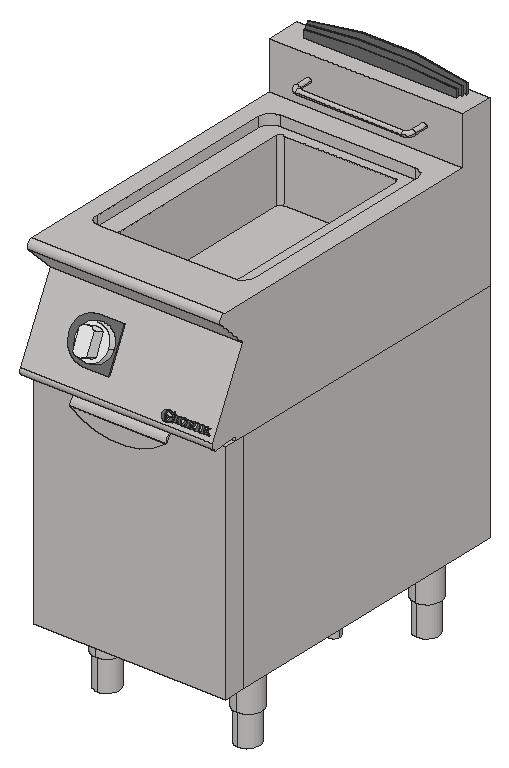
Revit family "QF_GIORIK_FG7117T", category Specialty Equipment, Revit 2014
Parameters (values of type "FG7117T")
  Weight in Pounds = 149.9142
  Watts = 100 W
  Volts = 230 V
  URL Cutsheet = "www.giorik.com"
  URL = "www.giorik.com"
  Status [instance] = ""
  Specification by User [instance] = ""
  Specification by Manufacturer = ""
  Show Logo [instance] = yes
  Show Clearance [instance] = yes
  Serial Number = ""
  Seismic Rating = ""
  SMACNA No = ""
  Revision Code [instance] = ""
  Phase = 1
  Number of Poles [instance] = 1
  NAFEM Spec ID Number = ""
  Model = "FG7117T"
  Min Ckt Ampacity = 0 A
  Mechanical Remarks [instance] = "Natural Gas"
  Mechanical Connection Type [instance] = ""
  Max Overcurrent Protection = 0 A
  Masterspec = ""
  Manufacturer = "GIORIK"
  Item Number [instance] = ""
  Installed By [instance] = ""
  Identify Quantity as Lot [instance] = no
  HP = "0.134102000000"
  Gas Size = 1"
  Gas RI Height [instance] = 0 mm
  Gas KW = 16.5
  Gas Input = 16500 W
  Gas Connection Height [instance] = 150 mm
  Furnished By [instance] = ""
  Foodservice Equipment Identifier [instance] = yes
  FL Amps = 0 A
  Electrical Remarks [instance] = ""
  Electric Connection Type [instance] = ""
  Elec Conn RI Height [instance] = 0 mm
  Elec Conn Connection Height [instance] = 150 mm
  Description = "17 LITRE GAS FRYER."
  Cycle = 50 Hz
  Conn Plug = ""
  Conn Conduit [instance] = no
  CSI MasterFormat = ""
  Assembly Code = "E1090320"
  Apparent Power = 100 VA
Reference planes
  plane 1 "Back": y = 0
  plane 2: z = 0
  plane 3 "Left": x = 0
  plane 4 "Right": x = 400
  plane 5 "Front": y = -720
  plane 6 "Top": z = 900
Forms (mm)
  Extrusion 1, solid, visible <- "Show Logo"
    sketch origin (196.604, -736.761, 609.486) x (-1, 0, 0) y (0, 0.452718, 0.891654)
      loop
        line (-118.824, 58.358) -> (-127.804, 58.358) -> (-125.523, 56.445) -> (-125.523, 48.027) -> (-127.804, 46.113) -> (-118.824, 46.113) -> (-121.105, 48.027) -> (-121.105, 56.445) -> (-118.824, 58.358)
      loop
        line (-163.721, 58.358) -> (-172.7, 58.358) -> (-170.42, 56.445) -> (-170.42, 48.027) -> (-172.7, 46.113) -> (-163.721, 46.113) -> (-166.001, 48.027) -> (-166.001, 56.445) -> (-163.721, 58.358)
      loop
        line (-174.332, 58.358) -> (-183.312, 58.358) -> (-181.031, 56.445) -> (-181.031, 52.435) -> (-186.419, 56.955) -> (-184.416, 58.358) -> (-191.268, 58.358) -> (-188.01, 56.839) -> (-185.455, 54.283) -> (-190.846, 47.858) -> (-193.396, 46.93) -> (-193.396, 46.113) -> (-184.416, 46.113) -> (-185.437, 47.571) -> (-182.443, 51.552) -> (-181.031, 50.894) -> (-181.031, 48.027) -> (-183.312, 46.113) -> (-174.332, 46.113) -> (-176.613, 48.027) -> (-176.613, 56.445) -> (-174.332, 58.358)
      loop
        line (-115.429, 62.063) -> (-115.429, 54.198)
        arc (-115.429, 54.198) -> (-111.618, 57.803) -> (-106.847, 59.986) r 16.039
        arc (-106.847, 59.986) -> (-103.314, 59.837) -> (-100.512, 57.68) r 5.851
        arc (-100.512, 57.68) -> (-98.815, 52.267) -> (-100.512, 46.853) r 9.479
        arc (-100.512, 46.853) -> (-102.406, 44.986) -> (-104.846, 43.93) r 7.236
        arc (-104.846, 43.93) -> (-107.728, 44.111) -> (-110.052, 45.825) r 5.11
        line (-110.052, 45.825) -> (-110.052, 52.001) -> (-116.141, 52.001) -> (-116.141, 45.503) -> (-117.893, 43.751) -> (-114.094, 44.769)
        arc (-114.094, 44.769) -> (-112.56, 44.947) -> (-111.129, 44.366) r 3.115
        arc (-111.129, 44.366) -> (-104.216, 42.091) -> (-97.303, 44.366) r 11.641
        arc (-97.303, 44.366) -> (-93.396, 52.107) -> (-97.303, 59.849) r 9.622
        arc (-97.303, 59.849) -> (-104.369, 62.174) -> (-111.435, 59.849) r 11.898
        line (-111.435, 59.849) -> (-115.429, 62.063)
      loop
        arc (-129.234, 56.068) -> (-135.893, 58.628) -> (-142.552, 56.068) r 9.941
        arc (-142.552, 56.068) -> (-144.234, 52.286) -> (-142.552, 48.505) r 5.093
        arc (-142.552, 48.505) -> (-135.893, 45.945) -> (-129.234, 48.505) r 9.941
        arc (-129.234, 48.505) -> (-127.552, 52.286) -> (-129.234, 56.068) r 5.093
      loop
        arc (-132.628, 54.403) -> (-135.893, 57.668) -> (-139.158, 54.403) r 3.265
        line (-139.158, 54.403) -> (-139.158, 50.169)
        arc (-139.158, 50.169) -> (-135.893, 46.904) -> (-132.628, 50.169) r 3.265
        line (-132.628, 50.169) -> (-132.628, 54.403)
      loop
        arc (-156.363, 58.365) -> (-159.647, 55.081) -> (-156.363, 51.796) r 3.285
        line (-156.363, 51.796) -> (-159.529, 47.306) -> (-162.087, 46.113) -> (-155.847, 46.113) -> (-153.529, 51.083) -> (-150.637, 51.083) -> (-150.637, 47.784) -> (-153.022, 46.113) -> (-144.011, 46.113) -> (-146.094, 47.68) -> (-146.094, 56.493) -> (-144.229, 58.365) -> (-156.363, 58.365)
      loop
        line (-150.637, 57.512) -> (-153.637, 57.512)
        arc (-153.637, 57.512) -> (-156.237, 54.912) -> (-153.637, 52.312) r 2.6
        line (-153.637, 52.312) -> (-150.637, 52.312) -> (-150.637, 57.512)
      loop
        line (-108.924, 52.001) -> (-104.936, 49.005) -> (-100.948, 52.001) -> (-108.924, 52.001)
    from 1.5 to -0.5
  Extrusion 2, solid
    sketch origin (-16, 1025.81, 0) x (1, 0, 0) y (0, 1, 0)
      loop
        line (25, -1086.81) -> (25, -1156.81) -> (115, -1156.81) -> (115, -1086.81) -> (25, -1086.81)
    from 148 to 150
  Extrusion 3, solid
    sketch origin (-14, 0, 130) x (1, 0, 0) y (0, 1, 0)
      loop
        circle (54, -385) r 12.5
    from 0 to 20
  Extrusion 4, solid
    sketch origin (0, 1000, -20) x (0, 1, 0) y (0, 0, 1)
      loop
        line (-1000, 989.988) -> (-1070, 989.988) -> (-1070, 889.988) -> (-1688.806, 889.988)
        arc (-1688.806, 889.988) -> (-1699.151, 883.075) -> (-1696.724, 870.873) r 11.197
        line (-1696.724, 870.873) -> (-1640.876, 815.025) -> (-1718.948, 661.258)
        arc (-1718.948, 661.258) -> (-1718.233, 650.105) -> (-1708.118, 645.354) r 10.981
        line (-1708.118, 645.354) -> (-1660, 649.925) -> (-1660, 640) -> (-1000, 640) -> (-1000, 989.988)
    from 0 to 400
  Extrusion 5, solid
    sketch origin (0, 0, 599.536) x (1, 0, 0) y (0, 1, 0)
      loop
        line (0, -640) -> (40, -640) -> (40, -40) -> (360, -40) -> (360, -640) -> (400, -640) -> (400, 0) -> (0, 0) -> (0, -640)
    from -449.536 to 20.464
  Extrusion 6, solid
    sketch origin (0, 0, 0) x (1, 0, 0) y (0, 1, 0)
      loop
        line (40, -40) -> (40, -640) -> (360, -640) -> (360, -40) -> (40, -40)
    from 150 to 190
  Extrusion 7, solid
    sketch origin (-16, 560.81, 0) x (1, 0, 0) y (0, 1, 0)
      loop
        line (25, -1086.81) -> (25, -1156.81) -> (115, -1156.81) -> (115, -1086.81) -> (25, -1086.81)
    from 148 to 150
  Revolve 8, solid
    sketch origin (54, 560.81, 0) x (0, 1, 0) y (0, 0, 1)
      loop
        line (-1092.56, 66) -> (-1092.56, 148) -> (-1121.81, 148) -> (-1121.81, 0) -> (-1096.81, 0) -> (-1096.81, 66) -> (-1092.56, 66)
      axis (-1121.81, 0) -> (-1121.81, 148)
    angle from 0 to 360
  Revolve 9, solid
    sketch origin (54, 1025.81, 0) x (0, 1, 0) y (0, 0, 1)
      loop
        line (-1092.56, 66) -> (-1092.56, 148) -> (-1121.81, 148) -> (-1121.81, 0) -> (-1096.81, 0) -> (-1096.81, 66) -> (-1092.56, 66)
      axis (-1121.81, 0) -> (-1121.81, 148)
    angle from 0 to 360
  Extrusion 10, solid
    sketch origin (416, 560.81, 0) x (-1, 0, 0) y (0, -1, 0)
      loop
        line (25, 1086.81) -> (115, 1086.81) -> (115, 1156.81) -> (25, 1156.81) -> (25, 1086.81)
    from 148 to 150
  Revolve 11, solid
    sketch origin (346, 560.81, 0) x (0, 1, 0) y (0, 0, -1)
      loop
        line (-1092.56, -66) -> (-1096.81, -66) -> (-1096.81, 0) -> (-1121.81, 0) -> (-1121.81, -148) -> (-1092.56, -148) -> (-1092.56, -66)
      axis (-1121.81, 0) -> (-1121.81, -148)
    angle from 0 to 360
  Extrusion 12, solid
    sketch origin (416, -1217.81, 0) x (-1, 0, 0) y (0, -1, 0)
      loop
        line (25, -1086.81) -> (25, -1156.81) -> (115, -1156.81) -> (115, -1086.81) -> (25, -1086.81)
    from 148 to 150
  Revolve 13, solid
    sketch origin (346, -1217.81, 0) x (0, -1, 0) y (0, 0, 1)
      loop
        line (-1092.56, 66) -> (-1092.56, 148) -> (-1121.81, 148) -> (-1121.81, 0) -> (-1096.81, 0) -> (-1096.81, 66) -> (-1092.56, 66)
      axis (-1121.81, 0) -> (-1121.81, 148)
    angle from 0 to 360
  Extrusion 14, solid
    sketch origin (-293.221, -963.345, 52.363) x (1, 0, 0) y (0, 0.452718, 0.891654)
      loop
        line (463.221, 676.25) -> (463.221, 766.25) -> (409.698, 766.25)
        arc (409.698, 766.25) -> (364.698, 721.25) -> (409.698, 676.25) r 45
        line (409.698, 676.25) -> (463.221, 676.25)
    from 48 to 50
  Extrusion 15, solid
    sketch origin (481.331, -1008.697, 74.959) x (-1, 0, 0) y (0, -0.45351, -0.891251)
      loop
        circle (351.331, -721.346) r 35
    from 0 to 15
  Extrusion 16, solid
    sketch origin (481.331, -1008.697, 74.959) x (-1, 0, 0) y (0, -0.45351, -0.891251)
      loop
        arc (336.331, -743.846) -> (351.331, -748.846) -> (366.331, -743.846) r 25
        line (366.331, -743.846) -> (366.331, -698.846)
        arc (366.331, -698.846) -> (351.331, -693.846) -> (336.331, -698.846) r 25
        line (336.331, -698.846) -> (336.331, -743.846)
    from 15 to 40
  Extrusion 17, solid
    sketch origin (-94, 0, 59.999) x (1, 0, 0) y (0, 0, 1)
      loop
        line (135, 909.989) -> (453, 909.989) -> (453, 925.527) -> (347.056, 931.749) -> (240.944, 931.749) -> (135, 925.527) -> (135, 909.989)
    from 32 to 35
  Extrusion 18, solid
    sketch origin (-92, 10, 59.999) x (1, 0, 0) y (0, 0, 1)
      loop
        line (454, 909.989) -> (454, 928.527) -> (346.162, 939.193) -> (237.838, 939.193) -> (130, 928.527) -> (130, 909.989) -> (454, 909.989)
    from 32 to 35
  Extrusion 19, solid
    sketch origin (-90, 20, 59.999) x (1, 0, 0) y (0, 0, 1)
      loop
        line (455, 909.989) -> (455, 930.527) -> (345.396, 947.413) -> (234.604, 947.413) -> (125, 930.527) -> (125, 909.989) -> (455, 909.989)
    from 32 to 35
  Extrusion 20, void
    sketch origin (0, 0, 819.988) x (0, 1, 0) y (-1, 0, 0)
      loop
        arc (-120, -60) -> (-127.322, -42.322) -> (-145, -35) r 25
        line (-145, -35) -> (-565.002, -35)
        arc (-565.002, -35) -> (-582.68, -42.322) -> (-590.002, -60) r 25
        line (-590.002, -60) -> (-590.002, -340)
        arc (-590.002, -340) -> (-582.68, -357.678) -> (-565.002, -365) r 25
        line (-565.002, -365) -> (-145, -365)
        arc (-145, -365) -> (-127.322, -357.678) -> (-120, -340) r 25
        line (-120, -340) -> (-120, -60)
    from -100 to 50
  Extrusion 21, solid
    sketch origin (0, 0, 900) x (0, 1, 0) y (-1, 0, 0)
      loop
        arc (-120, -60) -> (-127.322, -42.322) -> (-145, -35) r 25
        line (-145, -35) -> (-565.002, -35)
        arc (-565.002, -35) -> (-582.68, -42.322) -> (-590.002, -60) r 25
        line (-590.002, -60) -> (-590.002, -340)
        arc (-590.002, -340) -> (-582.68, -357.678) -> (-565.002, -365) r 25
        line (-565.002, -365) -> (-145, -365)
        arc (-145, -365) -> (-127.322, -357.678) -> (-120, -340) r 25
        line (-120, -340) -> (-120, -60)
      loop
        arc (-140, -85.011) -> (-142.929, -77.94) -> (-150, -75.011) r 10
        line (-150, -75.011) -> (-555.002, -75.011)
        arc (-555.002, -75.011) -> (-562.073, -77.94) -> (-565.002, -85.011) r 10
        line (-565.002, -85.011) -> (-565.002, -315)
        arc (-565.002, -315) -> (-562.073, -322.071) -> (-555.002, -325) r 10
        line (-555.002, -325) -> (-150, -325)
        arc (-150, -325) -> (-142.929, -322.071) -> (-140, -315) r 10
        line (-140, -315) -> (-140, -85.011)
    from -180.012 to -50
  Extrusion 22, solid
    sketch origin (0, -725, 0) x (1, 0, 0) y (0, 0, 1)
      loop
        line (0, 620) -> (0, 150) -> (400, 150) -> (400, 620) -> (0, 620)
    from -85 to -40
  Extrusion 23, solid
    sketch origin (2.5, -725, -20.1) x (0, 1, 0) y (0, 0, 1)
      loop
        arc (25, 640.1) -> (14.393, 635.707) -> (10, 625.1) r 15
        line (10, 625.1) -> (12, 625.1)
        arc (12, 625.1) -> (15.808, 634.292) -> (25, 638.1) r 13
        line (25, 638.1) -> (40, 638.1) -> (40, 640.1) -> (25, 640.1)
    from 97.5 to 297.5
  Extrusion 24, solid
    sketch origin (2.5, -724.905, -20.1) x (1, 0, 0) y (0, 0, 1)
      loop
        arc (97.5, 625.1) -> (197.5, 590.089) -> (297.5, 625.1) r 160.316
        line (297.5, 625.1) -> (97.5, 625.1)
    from -11.905 to -9.905
  Extrusion 25, solid, visible <- "Show Clearance", detail levels coarse
    sketch origin (395, -725, 0) x (-1, 0, 0) y (0, -1, 0)
      loop
        line (-5, -40) -> (395, -40)
        arc (395, -40) -> (277.534, 241.069) -> (-5, 354.968) r 395
        line (-5, 354.968) -> (-5, -40)
    from 150 to 620
  Extrusion 26, solid
    sketch origin (0, 0, 100) x (0, 1, 0) y (-1, 0, 0)
      loop
        circle (-380, -380) r 12.5
    from 30 to 50
  Sweep 27, solid
    path origin (0, 0, 919.988) x (0, 1, 0) y (-1, 0, 0)
      loop
        line (-70, -80) -> (-100, -80)
        arc (-100, -80) -> (-107.071, -82.929) -> (-110, -90) r 10
        line (-110, -90) -> (-110, -310)
        arc (-110, -310) -> (-107.071, -317.071) -> (-100, -320) r 10
        line (-100, -320) -> (-70, -320)
    profile origin (80, -85, 919.988) x (1, 0, 0) y (0, 0, 1)
      loop
        circle (0, 0) r 5
Cuts and joins
  Extrusion 20 cuts Extrusion 4
Lines and regions (mm)
  symbolic lines, style "200-EquipBorder-2D"
    curve 1: line (0, -720, 0) -> (400, -720, 0)
    curve 2: line (400, -720, 0) -> (400, 0, 0)
    curve 3: line (400, 0, 0) -> (0, 0, 0)
    curve 4: line (0, 0, 0) -> (0, -720, 0)
  symbolic lines, style "200-EquipInternal-2D"
    curve 5: line (35, -12, 900) -> (365, -12, 900)
    curve 6: line (365, -12, 900) -> (365, -15, 900)
    curve 7: line (365, -15, 900) -> (35, -15, 900)
    curve 8: line (35, -15, 900) -> (35, -12, 900)
    curve 9: line (38, -22, 900) -> (362, -22, 900)
    curve 10: line (362, -22, 900) -> (362, -25, 900)
    curve 11: line (362, -25, 900) -> (38, -25, 900)
    curve 12: line (38, -25, 900) -> (38, -22, 900)
    curve 13: line (41, -32, 900) -> (359, -32, 900)
    curve 14: line (359, -32, 900) -> (359, -35, 900)
    curve 15: line (359, -35, 900) -> (41, -35, 900)
    curve 16: line (41, -35, 900) -> (41, -32, 900)
    curve 17: line (340, -120, 900) -> (60, -120, 900)
    curve 18: arc (60, -120, 900) -> (42.322, -127.322, 900) -> (35, -145, 900) r 25
    curve 19: line (35, -145, 900) -> (35, -565, 900)
    curve 20: arc (365, -145, 900) -> (357.678, -127.322, 900) -> (340, -120, 900) r 25
    curve 21: arc (340, -590, 900) -> (356.212, -584.031, 900) -> (364.682, -568.975, 900) r 25
    curve 22: line (60, -590, 900) -> (340, -590, 900)
    curve 23: arc (35, -565, 900) -> (42.322, -582.678, 900) -> (60, -590, 900) r 25
    curve 24: line (365, -565.002, 900) -> (365, -145, 900)
    curve 27: line (85, -140, 900) -> (315, -140, 900)
    curve 28: line (325, -150, 900) -> (325, -555.002, 900)
    curve 29: line (75, -555.002, 900) -> (75, -150, 900)
    curve 30: line (315, -565.002, 900) -> (85, -565.002, 900)
    curve 31: arc (85, -140, 900) -> (77.929, -142.929, 900) -> (75, -150, 900) r 10
    curve 32: arc (315, -140, 900) -> (322.071, -142.929, 900) -> (325, -150, 900) r 10
    curve 33: arc (75, -555.002, 900) -> (77.929, -562.073, 900) -> (85, -565.002, 900) r 10
    curve 34: arc (315, -565.002, 900) -> (322.071, -562.073, 900) -> (325, -555.002, 900) r 10
    curve 35: line (75, -70, 900) -> (75, -99.667, 900)
    curve 36: line (85, -100, 900) -> (85, -70, 900)
    curve 37: line (89.989, -104.989, 900) -> (310.27, -104.989, 900)
    curve 38: line (315.032, -100.227, 900) -> (315.032, -70, 900)
    curve 39: line (325.032, -70, 900) -> (325.032, -100.301, 900)
    curve 40: line (310.333, -115, 900) -> (90.333, -115, 900)
    curve 41: arc (90.333, -115, 900) -> (79.491, -110.509, 900) -> (75, -99.667, 900) r 15.333
    curve 42: arc (85, -100, 900) -> (86.461, -103.528, 900) -> (89.989, -104.989, 900) r 4.989
    curve 43: arc (310.333, -115, 900) -> (320.727, -110.695, 900) -> (325.032, -100.301, 900) r 14.699
    curve 44: arc (315.032, -100.227, 900) -> (313.637, -103.594, 900) -> (310.27, -104.989, 900) r 4.762
    curve 45: line (85, -70, 900) -> (315.032, -70, 900)
    curve 46: line (0, -70, 900) -> (75, -70, 900)
    curve 47: line (325, -70, 900) -> (400, -70, 900)
  symbolic lines, style "QF_Door-Drawer Clearances", visible <- "Show Clearance", detail levels coarse
    curve 25: arc (400, -1079.968, 0) -> (130.204, -978.101, 0) -> (1.554, -720, 0) r 395
    curve 26: line (400, -720, 0) -> (400, -1079.968, 0)
Dimensions and locks
  plane 3 "Left" to plane 4 "Right" = 400 mm
  plane 5 "Front" to plane 1 "Back" = 720 mm
  plane 4 "Right" to plane 3 "Left" = 400 mm
  plane 1 "Back" to plane 5 "Front" = 720 mm
  plane 6 "Top" to level = 900 mm  (x2)
  aligned and locked: level to plane 2
Connectors
  electrical at (380, -380, 130), driven by "Apparent Power", driven by "Volts", driven by "Number of Poles"
    settings: on Extrusion 26, index 1, voltage 230 V, apparent load 0 VA, apparent load phase1 100 VA, apparent load phase2 0 VA, apparent load phase3 0 VA, power factor 1, load classification "Other", number of poles 1, system type 31, power factor state 1, is connector primary yes, connector utility no, sub classification motor no, connector description "Electrical connection"
  piping at (40, -385, 130), diameter 25.4, driven by "Gas Size"
    settings: on Extrusion 3, index 2, connector inside diameter 24", connector length 0 mm, flow factor 0, pipe flow 0.0 L/s, pressure drop 0.0 Pa, fitting loss kfactor 0, connector angle 0.00°, fixture units 0, engagement length 0 mm, angle of deflection 0.00°, flow configuration 1, flow direction 1, fitting loss method 0, system type 22, joint type 0, gender type 0, connector reference index -1, connector utility 0, adjustable connector no, is connector primary yes, connector description "Gas inlet"
